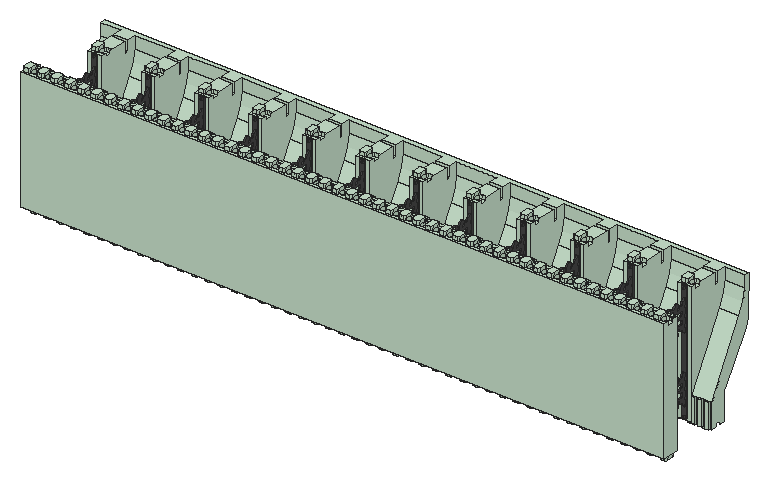
Revit family (continued)
Forms (in)
  Extrusion 166, solid, material "EPS- NUDURA- Foam Panel"
    sketch origin (0, 0, 0) x (0, 1, 0) y (0, 0, 1)
      loop
        line (9.425, 18) -> (8.125, 18) -> (8.125, 16.5)
        arc (8.125, 16.5) -> (7.875, 16.25) -> (7.625, 16.5) r 0.25
        line (7.625, 16.5) -> (7.625, 18) -> (3.25, 18) -> (3.25, 3.625) -> (8.425, 13)
        arc (8.425, 13) -> (9.05432, 14.58521) -> (9.425, 16.25) r 10.75
        line (9.425, 16.25) -> (9.425, 18)
    from 59 to 61
  Extrusion 167, solid, material "EPS- NUDURA- Foam Panel"
    sketch origin (0, 0, 0) x (0, 1, 0) y (0, 0, 1)
      loop
        line (9.425, 18) -> (8.125, 18) -> (8.125, 16.5)
        arc (8.125, 16.5) -> (7.875, 16.25) -> (7.625, 16.5) r 0.25
        line (7.625, 16.5) -> (7.625, 18) -> (3.25, 18) -> (3.25, 3.625) -> (8.425, 13)
        arc (8.425, 13) -> (9.05432, 14.58521) -> (9.425, 16.25) r 10.75
        line (9.425, 16.25) -> (9.425, 18)
    from 67 to 69
  Extrusion 168, solid, material "EPS- NUDURA- Foam Panel"
    sketch origin (0, 0, 0) x (0, 1, 0) y (0, 0, 1)
      loop
        line (9.425, 18) -> (8.125, 18) -> (8.125, 16.5)
        arc (8.125, 16.5) -> (7.875, 16.25) -> (7.625, 16.5) r 0.25
        line (7.625, 16.5) -> (7.625, 18) -> (3.25, 18) -> (3.25, 3.625) -> (8.425, 13)
        arc (8.425, 13) -> (9.05432, 14.58521) -> (9.425, 16.25) r 10.75
        line (9.425, 16.25) -> (9.425, 18)
    from 75 to 77
  Extrusion 169, solid, material "EPS- NUDURA- Foam Panel"
    sketch origin (0, 0, 0) x (0, 1, 0) y (0, 0, 1)
      loop
        line (9.425, 18) -> (8.125, 18) -> (8.125, 16.5)
        arc (8.125, 16.5) -> (7.875, 16.25) -> (7.625, 16.5) r 0.25
        line (7.625, 16.5) -> (7.625, 18) -> (3.25, 18) -> (3.25, 3.625) -> (8.425, 13)
        arc (8.425, 13) -> (9.05432, 14.58521) -> (9.425, 16.25) r 10.75
        line (9.425, 16.25) -> (9.425, 18)
    from 83 to 85
  Extrusion 170, solid, material "EPS- NUDURA- Foam Panel"
    sketch origin (0, 0, 0) x (0, 1, 0) y (0, 0, 1)
      loop
        line (9.425, 18) -> (8.125, 18) -> (8.125, 16.5)
        arc (8.125, 16.5) -> (7.875, 16.25) -> (7.625, 16.5) r 0.25
        line (7.625, 16.5) -> (7.625, 18) -> (3.25, 18) -> (3.25, 3.625) -> (8.425, 13)
        arc (8.425, 13) -> (9.05432, 14.58521) -> (9.425, 16.25) r 10.75
        line (9.425, 16.25) -> (9.425, 18)
    from 91 to 93
  Extrusion 171, solid, material "EPS- NUDURA- Foam Panel"
    sketch origin (0, 0, 0) x (1, 0, 0) y (0, 1, 0)
      loop
        line (95.21883, 3) -> (95.78117, 3) -> (95.71883, 3.25) -> (95.28117, 3.25) -> (95.21883, 3)
      loop
        line (94.21883, 3) -> (94.78117, 3) -> (94.71883, 3.25) -> (94.28117, 3.25) -> (94.21883, 3)
      loop
        line (93.21883, 3) -> (93.78117, 3) -> (93.71883, 3.25) -> (93.28117, 3.25) -> (93.21883, 3)
      loop
        line (90.21883, 3) -> (90.78117, 3) -> (90.71883, 3.25) -> (90.28117, 3.25) -> (90.21883, 3)
      loop
        line (89.21883, 3) -> (89.78117, 3) -> (89.71883, 3.25) -> (89.28117, 3.25) -> (89.21883, 3)
      loop
        line (88.21883, 3) -> (88.78117, 3) -> (88.71883, 3.25) -> (88.28117, 3.25) -> (88.21883, 3)
      loop
        line (87.21883, 3) -> (87.78117, 3) -> (87.71883, 3.25) -> (87.28117, 3.25) -> (87.21883, 3)
      loop
        line (86.21883, 3) -> (86.78117, 3) -> (86.71883, 3.25) -> (86.28117, 3.25) -> (86.21883, 3)
      loop
        line (85.21883, 3) -> (85.78117, 3) -> (85.71883, 3.25) -> (85.28117, 3.25) -> (85.21883, 3)
      loop
        line (82.21883, 3) -> (82.78117, 3) -> (82.71883, 3.25) -> (82.28117, 3.25) -> (82.21883, 3)
      loop
        line (81.21883, 3) -> (81.78117, 3) -> (81.71883, 3.25) -> (81.28117, 3.25) -> (81.21883, 3)
      loop
        line (80.21883, 3) -> (80.78117, 3) -> (80.71883, 3.25) -> (80.28117, 3.25) -> (80.21883, 3)
      loop
        line (79.21883, 3) -> (79.78117, 3) -> (79.71883, 3.25) -> (79.28117, 3.25) -> (79.21883, 3)
      loop
        line (78.21883, 3) -> (78.78117, 3) -> (78.71883, 3.25) -> (78.28117, 3.25) -> (78.21883, 3)
      loop
        line (77.21883, 3) -> (77.78117, 3) -> (77.71883, 3.25) -> (77.28117, 3.25) -> (77.21883, 3)
      loop
        line (74.21883, 3) -> (74.78117, 3) -> (74.71883, 3.25) -> (74.28117, 3.25) -> (74.21883, 3)
      loop
        line (73.21883, 3) -> (73.78117, 3) -> (73.71883, 3.25) -> (73.28117, 3.25) -> (73.21883, 3)
      loop
        line (72.21883, 3) -> (72.78117, 3) -> (72.71883, 3.25) -> (72.28117, 3.25) -> (72.21883, 3)
      loop
        line (71.21883, 3) -> (71.78117, 3) -> (71.71883, 3.25) -> (71.28117, 3.25) -> (71.21883, 3)
      loop
        line (70.21883, 3) -> (70.78117, 3) -> (70.71883, 3.25) -> (70.28117, 3.25) -> (70.21883, 3)
      loop
        line (69.21883, 3) -> (69.78117, 3) -> (69.71883, 3.25) -> (69.28117, 3.25) -> (69.21883, 3)
      loop
        line (66.21883, 3) -> (66.78117, 3) -> (66.71883, 3.25) -> (66.28117, 3.25) -> (66.21883, 3)
      loop
        line (65.21883, 3) -> (65.78117, 3) -> (65.71883, 3.25) -> (65.28117, 3.25) -> (65.21883, 3)
      loop
        line (64.21883, 3) -> (64.78117, 3) -> (64.71883, 3.25) -> (64.28117, 3.25) -> (64.21883, 3)
      loop
        line (63.21883, 3) -> (63.78117, 3) -> (63.71883, 3.25) -> (63.28117, 3.25) -> (63.21883, 3)
      loop
        line (62.21883, 3) -> (62.78117, 3) -> (62.71883, 3.25) -> (62.28117, 3.25) -> (62.21883, 3)
      loop
        line (61.21883, 3) -> (61.78117, 3) -> (61.71883, 3.25) -> (61.28117, 3.25) -> (61.21883, 3)
      loop
        line (58.21883, 3) -> (58.78117, 3) -> (58.71883, 3.25) -> (58.28117, 3.25) -> (58.21883, 3)
      loop
        line (57.21883, 3) -> (57.78117, 3) -> (57.71883, 3.25) -> (57.28117, 3.25) -> (57.21883, 3)
      loop
        line (56.21883, 3) -> (56.78117, 3) -> (56.71883, 3.25) -> (56.28117, 3.25) -> (56.21883, 3)
      loop
        line (55.21883, 3) -> (55.78117, 3) -> (55.71883, 3.25) -> (55.28117, 3.25) -> (55.21883, 3)
      loop
        line (54.21883, 3) -> (54.78117, 3) -> (54.71883, 3.25) -> (54.28117, 3.25) -> (54.21883, 3)
      loop
        line (53.21883, 3) -> (53.78117, 3) -> (53.71883, 3.25) -> (53.28117, 3.25) -> (53.21883, 3)
      loop
        line (50.21883, 3) -> (50.78117, 3) -> (50.71883, 3.25) -> (50.28117, 3.25) -> (50.21883, 3)
      loop
        line (49.21883, 3) -> (49.78117, 3) -> (49.71883, 3.25) -> (49.28117, 3.25) -> (49.21883, 3)
      loop
        line (48.21883, 3) -> (48.78117, 3) -> (48.71883, 3.25) -> (48.28117, 3.25) -> (48.21883, 3)
      loop
        line (47.21883, 3) -> (47.78117, 3) -> (47.71883, 3.25) -> (47.28117, 3.25) -> (47.21883, 3)
      loop
        line (46.21883, 3) -> (46.78117, 3) -> (46.71883, 3.25) -> (46.28117, 3.25) -> (46.21883, 3)
      loop
        line (45.21883, 3) -> (45.78117, 3) -> (45.71883, 3.25) -> (45.28117, 3.25) -> (45.21883, 3)
      loop
        line (42.21883, 3) -> (42.78117, 3) -> (42.71883, 3.25) -> (42.28117, 3.25) -> (42.21883, 3)
      loop
        line (41.21883, 3) -> (41.78117, 3) -> (41.71883, 3.25) -> (41.28117, 3.25) -> (41.21883, 3)
      loop
        line (40.21883, 3) -> (40.78117, 3) -> (40.71883, 3.25) -> (40.28117, 3.25) -> (40.21883, 3)
      loop
        line (39.21883, 3) -> (39.78117, 3) -> (39.71883, 3.25) -> (39.28117, 3.25) -> (39.21883, 3)
      loop
        line (38.21883, 3) -> (38.78117, 3) -> (38.71883, 3.25) -> (38.28117, 3.25) -> (38.21883, 3)
      loop
        line (37.21883, 3) -> (37.78117, 3) -> (37.71883, 3.25) -> (37.28117, 3.25) -> (37.21883, 3)
      loop
        line (34.21883, 3) -> (34.78117, 3) -> (34.71883, 3.25) -> (34.28117, 3.25) -> (34.21883, 3)
      loop
        line (33.21883, 3) -> (33.78117, 3) -> (33.71883, 3.25) -> (33.28117, 3.25) -> (33.21883, 3)
      loop
        line (32.21883, 3) -> (32.78117, 3) -> (32.71883, 3.25) -> (32.28117, 3.25) -> (32.21883, 3)
      loop
        line (31.21883, 3) -> (31.78117, 3) -> (31.71883, 3.25) -> (31.28117, 3.25) -> (31.21883, 3)
      loop
        line (30.21883, 3) -> (30.78117, 3) -> (30.71883, 3.25) -> (30.28117, 3.25) -> (30.21883, 3)
      loop
        line (29.21883, 3) -> (29.78117, 3) -> (29.71883, 3.25) -> (29.28117, 3.25) -> (29.21883, 3)
      loop
        line (26.21883, 3) -> (26.78117, 3) -> (26.71883, 3.25) -> (26.28117, 3.25) -> (26.21883, 3)
      loop
        line (25.21883, 3) -> (25.78117, 3) -> (25.71883, 3.25) -> (25.28117, 3.25) -> (25.21883, 3)
      loop
        line (24.21883, 3) -> (24.78117, 3) -> (24.71883, 3.25) -> (24.28117, 3.25) -> (24.21883, 3)
      loop
        line (23.21883, 3) -> (23.78117, 3) -> (23.71883, 3.25) -> (23.28117, 3.25) -> (23.21883, 3)
      loop
        line (22.21883, 3) -> (22.78117, 3) -> (22.71883, 3.25) -> (22.28117, 3.25) -> (22.21883, 3)
      loop
        line (21.21883, 3) -> (21.78117, 3) -> (21.71883, 3.25) -> (21.28117, 3.25) -> (21.21883, 3)
      loop
        line (18.21883, 3) -> (18.78117, 3) -> (18.71883, 3.25) -> (18.28117, 3.25) -> (18.21883, 3)
      loop
        line (17.21883, 3) -> (17.78117, 3) -> (17.71883, 3.25) -> (17.28117, 3.25) -> (17.21883, 3)
      loop
        line (16.21883, 3) -> (16.78117, 3) -> (16.71883, 3.25) -> (16.28117, 3.25) -> (16.21883, 3)
      loop
        line (15.21883, 3) -> (15.78117, 3) -> (15.71883, 3.25) -> (15.28117, 3.25) -> (15.21883, 3)
      loop
        line (14.21883, 3) -> (14.78117, 3) -> (14.71883, 3.25) -> (14.28117, 3.25) -> (14.21883, 3)
      loop
        line (13.21883, 3) -> (13.78117, 3) -> (13.71883, 3.25) -> (13.28117, 3.25) -> (13.21883, 3)
      loop
        line (10.21883, 3) -> (10.78117, 3) -> (10.71883, 3.25) -> (10.28117, 3.25) -> (10.21883, 3)
      loop
        line (9.21883, 3) -> (9.78117, 3) -> (9.71883, 3.25) -> (9.28117, 3.25) -> (9.21883, 3)
      loop
        line (8.21883, 3) -> (8.78117, 3) -> (8.71883, 3.25) -> (8.28117, 3.25) -> (8.21883, 3)
      loop
        line (7.21883, 3) -> (7.78117, 3) -> (7.71883, 3.25) -> (7.28117, 3.25) -> (7.21883, 3)
      loop
        line (6.21883, 3) -> (6.78117, 3) -> (6.71883, 3.25) -> (6.28117, 3.25) -> (6.21883, 3)
      loop
        line (5.21883, 3) -> (5.78117, 3) -> (5.71883, 3.25) -> (5.28117, 3.25) -> (5.21883, 3)
      loop
        line (2.21883, 3) -> (2.78117, 3) -> (2.71883, 3.25) -> (2.28117, 3.25) -> (2.21883, 3)
      loop
        line (1.21883, 3) -> (1.78117, 3) -> (1.71883, 3.25) -> (1.28117, 3.25) -> (1.21883, 3)
      loop
        line (0.21883, 3) -> (0.78117, 3) -> (0.71883, 3.25) -> (0.28117, 3.25) -> (0.21883, 3)
    from 0 to 3.625
Cuts and joins
  Extrusion 2, Extrusion 3, Extrusion 4, Extrusion 5, Extrusion 6, Extrusion 7, Extrusion 8, Extrusion 9, Extrusion 10, Extrusion 11, Extrusion 12, Extrusion 13, Extrusion 14, Extrusion 15, Extrusion 16, Extrusion 17, Extrusion 18, Extrusion 19, Extrusion 20, Extrusion 21, Extrusion 22, Extrusion 23, Extrusion 24, Extrusion 25, Extrusion 26, Extrusion 27, Extrusion 28, Extrusion 29, Extrusion 30, Extrusion 31, Extrusion 32, Extrusion 33, Extrusion 34, Extrusion 35, Extrusion 36, Extrusion 37, Extrusion 38, Extrusion 39, Extrusion 40, Extrusion 41, Extrusion 42, Extrusion 43, Extrusion 44, Extrusion 45, Extrusion 46, Extrusion 47, Extrusion 48, Extrusion 49, Extrusion 50, Extrusion 51, Extrusion 52, Extrusion 53, Extrusion 54, Extrusion 55, Extrusion 56, Extrusion 57, Extrusion 58, Extrusion 59, Extrusion 60, Extrusion 61, Extrusion 62, Extrusion 63, Extrusion 64, Extrusion 65, Extrusion 66, Extrusion 67, Extrusion 68, Extrusion 69, Extrusion 70, Extrusion 71, Extrusion 72, Extrusion 73, Extrusion 74, Extrusion 75, Extrusion 76, Extrusion 77, Extrusion 78, Extrusion 79, Extrusion 80, Extrusion 81, Extrusion 82, Extrusion 83, Extrusion 84, Extrusion 85, Extrusion 86, Extrusion 87, Extrusion 88, Extrusion 89, Extrusion 90, Extrusion 91, Extrusion 92, Extrusion 93, Extrusion 94, Extrusion 95, Extrusion 96, Extrusion 97, Extrusion 98, Extrusion 99, Extrusion 100, Extrusion 101, Extrusion 102, Extrusion 103, Extrusion 104, Extrusion 105, Extrusion 106, Extrusion 107, Extrusion 108, Extrusion 109, Extrusion 110, Extrusion 111, Extrusion 112, Extrusion 113, Extrusion 114, Extrusion 115, Extrusion 116, Extrusion 117, Extrusion 118, Extrusion 119, Extrusion 120, Extrusion 121, Extrusion 122, Extrusion 123, Extrusion 124, Extrusion 125, Extrusion 126, Extrusion 127, Extrusion 128, Extrusion 129, Extrusion 130, Extrusion 131, Extrusion 132, Extrusion 133, Extrusion 134, Extrusion 135, Extrusion 136, Extrusion 137, Extrusion 138, Extrusion 139, Extrusion 140, Extrusion 141, Extrusion 142, Extrusion 143, Extrusion 144, Extrusion 145, Extrusion 146, Extrusion 147, Extrusion 148, Extrusion 149, Extrusion 150, Extrusion 151, Extrusion 152, Extrusion 153, Extrusion 154, Extrusion 155, Extrusion 156, Extrusion 157 cuts Extrusion 1
  Extrusion 110, Extrusion 111, Extrusion 112, Extrusion 113, Extrusion 114, Extrusion 115, Extrusion 116, Extrusion 117, Extrusion 118, Extrusion 119, Extrusion 120, Extrusion 121, Extrusion 122, Extrusion 123, Extrusion 124, Extrusion 125, Extrusion 126, Extrusion 127, Extrusion 128, Extrusion 129, Extrusion 130, Extrusion 131, Extrusion 132, Extrusion 133, Extrusion 134, Extrusion 135, Extrusion 136, Extrusion 137, Extrusion 138, Extrusion 139, Extrusion 140, Extrusion 141, Extrusion 142, Extrusion 143, Extrusion 144, Extrusion 145, Extrusion 146, Extrusion 147, Extrusion 148, Extrusion 149, Extrusion 150, Extrusion 151, Extrusion 152, Extrusion 153, Extrusion 154, Extrusion 155, Extrusion 156, Extrusion 157 cuts Extrusion 158
  Extrusion 61 cuts Extrusion 159
  Extrusion 60 cuts Extrusion 160
  Extrusion 59 cuts Extrusion 161
  Extrusion 58 cuts Extrusion 162
  Extrusion 57 cuts Extrusion 163
  Extrusion 56 cuts Extrusion 164
  Extrusion 55 cuts Extrusion 165
  Extrusion 54 cuts Extrusion 166
  Extrusion 53 cuts Extrusion 167
  Extrusion 52 cuts Extrusion 168
  Extrusion 51 cuts Extrusion 169
  Extrusion 50 cuts Extrusion 170
  joined: Extrusion 158, Extrusion 159, Extrusion 160, Extrusion 161, Extrusion 162, Extrusion 163, Extrusion 164, Extrusion 165, Extrusion 166, Extrusion 167, Extrusion 168, Extrusion 169, Extrusion 170, Extrusion 171
Lines and regions (in)
  model lines
    curve 1: line (8, -5.625, 18) -> (8, -5.625, 0)
Dimensions and locks (in)
  locked: plane 3 "Center (Left/Right)" to plane 4 at 96
  locked: plane 6 to plane 5 at 6
  equal spacing: plane 6, plane 1 "Center (Front/Back)", plane 5
  locked: plane 5 to plane 7 at 2.625
  locked: plane 8 to plane 6 at 2.625
  locked: plane 9 to level at 18
  locked: plane 4 to plane 3 "Center (Left/Right)" at 96
  locked: plane 9 to plane 10 at 0.5
  locked: plane 11 to level at 0.5
  aligned and locked: plane 9 to Extrusion 1
  aligned and locked: Extrusion 1 to plane 3 "Center (Left/Right)"
  aligned and locked: plane 4 to Extrusion 1
  aligned and locked: level to Extrusion 1
  aligned and locked: nested 1 to plane 8
  aligned and locked: nested 116 to cut or joined group 1 (Extrusion 1, Extrusion 2, Extrusion 3, Extrusion 4, Extrusion 5, Extrusion 6, Extrusion 7, Extrusion 8, Extrusion 9, Extrusion 10, Extrusion 11, Extrusion 12, Extrusion 13, Extrusion 14, Extrusion 15, Extrusion 16, Extrusion 17, Extrusion 18, Extrusion 19, Extrusion 20, Extrusion 21, Extrusion 22, Extrusion 23, Extrusion 24, Extrusion 25, Extrusion 26, Extrusion 27, Extrusion 28, Extrusion 29, Extrusion 30, Extrusion 31, Extrusion 32, Extrusion 33, Extrusion 34, Extrusion 35, Extrusion 36, Extrusion 37, Extrusion 38, Extrusion 39, Extrusion 40, Extrusion 41, Extrusion 42, Extrusion 43, Extrusion 44, Extrusion 45, Extrusion 46, Extrusion 47, Extrusion 48, Extrusion 49, Extrusion 50, Extrusion 51, Extrusion 52, Extrusion 53, Extrusion 54, Extrusion 55, Extrusion 56, Extrusion 57, Extrusion 58, Extrusion 59, Extrusion 60, Extrusion 61, Extrusion 62, Extrusion 63, Extrusion 64, Extrusion 65, Extrusion 66, Extrusion 67, Extrusion 68, Extrusion 69, Extrusion 70, Extrusion 71, Extrusion 72, Extrusion 73, Extrusion 74, Extrusion 75, Extrusion 76, Extrusion 77, Extrusion 78, Extrusion 79, Extrusion 80, Extrusion 81, Extrusion 82, Extrusion 83, Extrusion 84, Extrusion 85, Extrusion 86, Extrusion 87, Extrusion 88, Extrusion 89, Extrusion 90, Extrusion 91, Extrusion 92, Extrusion 93, Extrusion 94, Extrusion 95, Extrusion 96, Extrusion 97, Extrusion 98, Extrusion 99, Extrusion 100, Extrusion 101, Extrusion 102, Extrusion 103, Extrusion 104, Extrusion 105, Extrusion 106, Extrusion 107, Extrusion 108, Extrusion 109, Extrusion 110, Extrusion 111, Extrusion 112, Extrusion 113, Extrusion 114, Extrusion 115, Extrusion 116, Extrusion 117, Extrusion 118, Extrusion 119, Extrusion 120, Extrusion 121, Extrusion 122, Extrusion 123, Extrusion 124, Extrusion 125, Extrusion 126, Extrusion 127, Extrusion 128, Extrusion 129, Extrusion 130, Extrusion 131, Extrusion 132, Extrusion 133, Extrusion 134, Extrusion 135, Extrusion 136, Extrusion 137, Extrusion 138, Extrusion 139, Extrusion 140, Extrusion 141, Extrusion 142, Extrusion 143, Extrusion 144, Extrusion 145, Extrusion 146, Extrusion 147, Extrusion 148, Extrusion 149, Extrusion 150, Extrusion 151, Extrusion 152, Extrusion 153, Extrusion 154, Extrusion 155, Extrusion 156, Extrusion 157)
  aligned and locked: cut or joined group 1 to cut or joined group 2 (Extrusion 50, Extrusion 51, Extrusion 52, Extrusion 53, Extrusion 54, Extrusion 55, Extrusion 56, Extrusion 57, Extrusion 58, Extrusion 59, Extrusion 60, Extrusion 61, Extrusion 110, Extrusion 111, Extrusion 112, Extrusion 113, Extrusion 114, Extrusion 115, Extrusion 116, Extrusion 117, Extrusion 118, Extrusion 119, Extrusion 120, Extrusion 121, Extrusion 122, Extrusion 123, Extrusion 124, Extrusion 125, Extrusion 126, Extrusion 127, Extrusion 128, Extrusion 129, Extrusion 130, Extrusion 131, Extrusion 132, Extrusion 133, Extrusion 134, Extrusion 135, Extrusion 136, Extrusion 137, Extrusion 138, Extrusion 139, Extrusion 140, Extrusion 141, Extrusion 142, Extrusion 143, Extrusion 144, Extrusion 145, Extrusion 146, Extrusion 147, Extrusion 148, Extrusion 149, Extrusion 150, Extrusion 151, Extrusion 152, Extrusion 153, Extrusion 154, Extrusion 155, Extrusion 156, Extrusion 157, Extrusion 158, Extrusion 159, Extrusion 160, Extrusion 161, Extrusion 162, Extrusion 163, Extrusion 164, Extrusion 165, Extrusion 166, Extrusion 167, Extrusion 168, Extrusion 169, Extrusion 170, Extrusion 171)
  aligned and locked: cut or joined group 2 to nested 182
  aligned and locked: cut or joined group 2 to nested 183
Automatic sketch dimensions
  Extrusion 1 sketch curve to plane 3 "Center (Left/Right)" = 0' - 0"
  plane 6 to Extrusion 1 sketch curve = 0' - 0"  (x72)
  Extrusion 1 sketch curve to plane 4 = 0' - 0"
  plane 8 to Extrusion 1 sketch curve = 0' - 0"
  plane 3 "Center (Left/Right)" to Extrusion 1 sketch curve = 0' - 0.21883"
  Extrusion 1 sketch curve to Extrusion 1 sketch curve = 0' - 0.06233"  (x143)
  plane 6 to Extrusion 1 sketch curve = 0' - 0 1/4"  (x73)
  Extrusion 1 sketch curve to Extrusion 1 sketch curve = 0' - 0.43767"  (x130)
  Extrusion 1 sketch curve to Extrusion 1 sketch curve = 0' - 2.43767"  (x12)
  Extrusion 1 sketch curve to plane 4 = 0' - 0.28117"
  Extrusion 1 sketch curve to plane 4 = 0' - 0.21883"
  plane 3 "Center (Left/Right)" to Extrusion 2 sketch curve = 0' - 1"
  Extrusion 2 sketch curve to Extrusion 2 sketch curve = 0' - 0.17308"  (x2)
  Extrusion 2 sketch curve to Extrusion 2 sketch curve = 0' - 0"  (x5)
  Extrusion 2 sketch curve to Extrusion 2 sketch curve = 0' - 0 1/4"  (x5)
  Extrusion 2 sketch curve to Extrusion 2 sketch curve = 0' - 0.17323"
  Extrusion 2 sketch curve to Extrusion 2 sketch curve = 0' - 0.01019"
  Extrusion 2 sketch curve to Extrusion 2 sketch curve = 0' - 0.07677"
  Extrusion 2 sketch curve to Extrusion 2 sketch curve = 0' - 0.07692"
  Extrusion 2 sketch curve to Extrusion 2 sketch curve = 0' - 0.17083"
  Extrusion 2 sketch curve to Extrusion 2 sketch curve = 0' - 0.01665"
  Extrusion 2 sketch curve to plane 8 = 0' - 0.48905"
  Extrusion 2 sketch curve to Extrusion 2 sketch curve = 0' - 0.14808"
  Extrusion 2 sketch curve to Extrusion 2 sketch curve = 0' - 0.33686"
  Extrusion 2 sketch curve to Extrusion 2 sketch curve = 0' - 0.2216"
  Extrusion 3 sketch curve to plane 8 = 0' - 0.72692"
  plane 3 "Center (Left/Right)" to Extrusion 3 sketch curve = 0' - 3"
  Extrusion 3 sketch curve to Extrusion 3 sketch curve = 0' - 0.17308"  (x2)
  Extrusion 3 sketch curve to Extrusion 3 sketch curve = 0' - 0"  (x5)
  Extrusion 3 sketch curve to Extrusion 3 sketch curve = 0' - 0 1/4"  (x4)
  Extrusion 3 sketch curve to Extrusion 3 sketch curve = 0' - 0.07692"  (x2)
  Extrusion 3 sketch curve to Extrusion 3 sketch curve = 0' - 0.17323"
  Extrusion 3 sketch curve to Extrusion 3 sketch curve = 0' - 0.01019"
  Extrusion 3 sketch curve to Extrusion 3 sketch curve = 0' - 0.07677"
  Extrusion 3 sketch curve to Extrusion 3 sketch curve = 0' - 0.17083"
  Extrusion 3 sketch curve to Extrusion 3 sketch curve = 0' - 0.01665"
  Extrusion 3 sketch curve to Extrusion 3 sketch curve = 0' - 0.14808"
  Extrusion 3 sketch curve to Extrusion 3 sketch curve = 0' - 0.33686"
  Extrusion 3 sketch curve to Extrusion 3 sketch curve = 0' - 0.2216"
  Extrusion 4 sketch curve to plane 8 = 0' - 0.72692"
  plane 3 "Center (Left/Right)" to Extrusion 4 sketch curve = 0' - 5"
  Extrusion 4 sketch curve to Extrusion 4 sketch curve = 0' - 0.17308"  (x2)
  Extrusion 4 sketch curve to Extrusion 4 sketch curve = 0' - 0"  (x5)
  Extrusion 4 sketch curve to Extrusion 4 sketch curve = 0' - 0 1/4"  (x4)
  Extrusion 4 sketch curve to Extrusion 4 sketch curve = 0' - 0.07692"  (x2)
  Extrusion 4 sketch curve to Extrusion 4 sketch curve = 0' - 0.17323"
  Extrusion 4 sketch curve to Extrusion 4 sketch curve = 0' - 0.01019"
  Extrusion 4 sketch curve to Extrusion 4 sketch curve = 0' - 0.07677"
  Extrusion 4 sketch curve to Extrusion 4 sketch curve = 0' - 0.17083"
  Extrusion 4 sketch curve to Extrusion 4 sketch curve = 0' - 0.01665"
  Extrusion 4 sketch curve to Extrusion 4 sketch curve = 0' - 0.14808"
  Extrusion 4 sketch curve to Extrusion 4 sketch curve = 0' - 0.33686"
  Extrusion 4 sketch curve to Extrusion 4 sketch curve = 0' - 0.2216"
  Extrusion 5 sketch curve to plane 8 = 0' - 0.72692"
  plane 3 "Center (Left/Right)" to Extrusion 5 sketch curve = 0' - 7"
  Extrusion 5 sketch curve to Extrusion 5 sketch curve = 0' - 0.17308"  (x2)
  Extrusion 5 sketch curve to Extrusion 5 sketch curve = 0' - 0"  (x5)
  Extrusion 5 sketch curve to Extrusion 5 sketch curve = 0' - 0 1/4"  (x4)
  Extrusion 5 sketch curve to Extrusion 5 sketch curve = 0' - 0.07692"  (x2)
  Extrusion 5 sketch curve to Extrusion 5 sketch curve = 0' - 0.17323"
  Extrusion 5 sketch curve to Extrusion 5 sketch curve = 0' - 0.01019"
  Extrusion 5 sketch curve to Extrusion 5 sketch curve = 0' - 0.07677"
  Extrusion 5 sketch curve to Extrusion 5 sketch curve = 0' - 0.17083"
  Extrusion 5 sketch curve to Extrusion 5 sketch curve = 0' - 0.01665"
  Extrusion 5 sketch curve to Extrusion 5 sketch curve = 0' - 0.14808"
  Extrusion 5 sketch curve to Extrusion 5 sketch curve = 0' - 0.33686"
  Extrusion 5 sketch curve to Extrusion 5 sketch curve = 0' - 0.2216"
  Extrusion 6 sketch curve to plane 8 = 0' - 0.72692"
  plane 3 "Center (Left/Right)" to Extrusion 6 sketch curve = 0' - 9"
  Extrusion 6 sketch curve to Extrusion 6 sketch curve = 0' - 0.17308"  (x2)
  Extrusion 6 sketch curve to Extrusion 6 sketch curve = 0' - 0"  (x5)
  Extrusion 6 sketch curve to Extrusion 6 sketch curve = 0' - 0 1/4"  (x4)
  Extrusion 6 sketch curve to Extrusion 6 sketch curve = 0' - 0.07692"  (x2)
  Extrusion 6 sketch curve to Extrusion 6 sketch curve = 0' - 0.17323"
  Extrusion 6 sketch curve to Extrusion 6 sketch curve = 0' - 0.01019"
  Extrusion 6 sketch curve to Extrusion 6 sketch curve = 0' - 0.07677"
  Extrusion 6 sketch curve to Extrusion 6 sketch curve = 0' - 0.17083"
  Extrusion 6 sketch curve to Extrusion 6 sketch curve = 0' - 0.01665"
  Extrusion 6 sketch curve to Extrusion 6 sketch curve = 0' - 0.14808"
  Extrusion 6 sketch curve to Extrusion 6 sketch curve = 0' - 0.33686"
  Extrusion 6 sketch curve to Extrusion 6 sketch curve = 0' - 0.2216"
  Extrusion 7 sketch curve to plane 8 = 0' - 0.72692"
  plane 3 "Center (Left/Right)" to Extrusion 7 sketch curve = 0' - 11"
  Extrusion 7 sketch curve to Extrusion 7 sketch curve = 0' - 0.17308"  (x2)
  Extrusion 7 sketch curve to Extrusion 7 sketch curve = 0' - 0"  (x5)
  Extrusion 7 sketch curve to Extrusion 7 sketch curve = 0' - 0 1/4"  (x4)
  Extrusion 7 sketch curve to Extrusion 7 sketch curve = 0' - 0.07692"  (x2)
  Extrusion 7 sketch curve to Extrusion 7 sketch curve = 0' - 0.17323"
  Extrusion 7 sketch curve to Extrusion 7 sketch curve = 0' - 0.01019"
  Extrusion 7 sketch curve to Extrusion 7 sketch curve = 0' - 0.07677"
  Extrusion 7 sketch curve to Extrusion 7 sketch curve = 0' - 0.17083"
  Extrusion 7 sketch curve to Extrusion 7 sketch curve = 0' - 0.01665"
  Extrusion 7 sketch curve to Extrusion 7 sketch curve = 0' - 0.14808"
  Extrusion 7 sketch curve to Extrusion 7 sketch curve = 0' - 0.33686"
  Extrusion 7 sketch curve to Extrusion 7 sketch curve = 0' - 0.2216"
  Extrusion 8 sketch curve to plane 8 = 0' - 0.72692"
  plane 3 "Center (Left/Right)" to Extrusion 8 sketch curve = 1' - 1"
  Extrusion 8 sketch curve to Extrusion 8 sketch curve = 0' - 0.17308"  (x2)
  Extrusion 8 sketch curve to Extrusion 8 sketch curve = 0' - 0"  (x5)
  Extrusion 8 sketch curve to Extrusion 8 sketch curve = 0' - 0 1/4"  (x4)
  Extrusion 8 sketch curve to Extrusion 8 sketch curve = 0' - 0.07692"  (x2)
  Extrusion 8 sketch curve to Extrusion 8 sketch curve = 0' - 0.17323"
  Extrusion 8 sketch curve to Extrusion 8 sketch curve = 0' - 0.01019"
  Extrusion 8 sketch curve to Extrusion 8 sketch curve = 0' - 0.07677"
  Extrusion 8 sketch curve to Extrusion 8 sketch curve = 0' - 0.17083"
  Extrusion 8 sketch curve to Extrusion 8 sketch curve = 0' - 0.01665"
  Extrusion 8 sketch curve to Extrusion 8 sketch curve = 0' - 0.14808"
  Extrusion 8 sketch curve to Extrusion 8 sketch curve = 0' - 0.33686"
  Extrusion 8 sketch curve to Extrusion 8 sketch curve = 0' - 0.2216"
  Extrusion 9 sketch curve to plane 8 = 0' - 0.72692"
  plane 3 "Center (Left/Right)" to Extrusion 9 sketch curve = 1' - 3"
  Extrusion 9 sketch curve to Extrusion 9 sketch curve = 0' - 0.17308"  (x2)
  Extrusion 9 sketch curve to Extrusion 9 sketch curve = 0' - 0"  (x5)
  Extrusion 9 sketch curve to Extrusion 9 sketch curve = 0' - 0 1/4"  (x4)
  Extrusion 9 sketch curve to Extrusion 9 sketch curve = 0' - 0.07692"  (x2)
  Extrusion 9 sketch curve to Extrusion 9 sketch curve = 0' - 0.17323"
  Extrusion 9 sketch curve to Extrusion 9 sketch curve = 0' - 0.01019"
  Extrusion 9 sketch curve to Extrusion 9 sketch curve = 0' - 0.07677"
  Extrusion 9 sketch curve to Extrusion 9 sketch curve = 0' - 0.17083"
  Extrusion 9 sketch curve to Extrusion 9 sketch curve = 0' - 0.01665"
  Extrusion 9 sketch curve to Extrusion 9 sketch curve = 0' - 0.14808"
  Extrusion 9 sketch curve to Extrusion 9 sketch curve = 0' - 0.33686"
  Extrusion 9 sketch curve to Extrusion 9 sketch curve = 0' - 0.2216"
  Extrusion 10 sketch curve to plane 8 = 0' - 0.72692"
  plane 3 "Center (Left/Right)" to Extrusion 10 sketch curve = 1' - 5"
  Extrusion 10 sketch curve to Extrusion 10 sketch curve = 0' - 0.17308"  (x2)
  Extrusion 10 sketch curve to Extrusion 10 sketch curve = 0' - 0"  (x5)
  Extrusion 10 sketch curve to Extrusion 10 sketch curve = 0' - 0 1/4"  (x4)
  Extrusion 10 sketch curve to Extrusion 10 sketch curve = 0' - 0.07692"  (x2)
  Extrusion 10 sketch curve to Extrusion 10 sketch curve = 0' - 0.17323"
  Extrusion 10 sketch curve to Extrusion 10 sketch curve = 0' - 0.01019"
  Extrusion 10 sketch curve to Extrusion 10 sketch curve = 0' - 0.07677"
  Extrusion 10 sketch curve to Extrusion 10 sketch curve = 0' - 0.17083"
  Extrusion 10 sketch curve to Extrusion 10 sketch curve = 0' - 0.01665"
  Extrusion 10 sketch curve to Extrusion 10 sketch curve = 0' - 0.14808"
  Extrusion 10 sketch curve to Extrusion 10 sketch curve = 0' - 0.33686"
  Extrusion 10 sketch curve to Extrusion 10 sketch curve = 0' - 0.2216"
  Extrusion 11 sketch curve to plane 8 = 0' - 0.72692"
  plane 3 "Center (Left/Right)" to Extrusion 11 sketch curve = 1' - 7"
  Extrusion 11 sketch curve to Extrusion 11 sketch curve = 0' - 0.17308"  (x2)
  Extrusion 11 sketch curve to Extrusion 11 sketch curve = 0' - 0"  (x5)
  Extrusion 11 sketch curve to Extrusion 11 sketch curve = 0' - 0 1/4"  (x4)
  Extrusion 11 sketch curve to Extrusion 11 sketch curve = 0' - 0.07692"  (x2)
  Extrusion 11 sketch curve to Extrusion 11 sketch curve = 0' - 0.17323"
  Extrusion 11 sketch curve to Extrusion 11 sketch curve = 0' - 0.01019"
  Extrusion 11 sketch curve to Extrusion 11 sketch curve = 0' - 0.07677"
  Extrusion 11 sketch curve to Extrusion 11 sketch curve = 0' - 0.17083"
  Extrusion 11 sketch curve to Extrusion 11 sketch curve = 0' - 0.01665"
  Extrusion 11 sketch curve to Extrusion 11 sketch curve = 0' - 0.14808"
  Extrusion 11 sketch curve to Extrusion 11 sketch curve = 0' - 0.33686"
  Extrusion 11 sketch curve to Extrusion 11 sketch curve = 0' - 0.2216"
  Extrusion 12 sketch curve to plane 8 = 0' - 0.72692"
  plane 3 "Center (Left/Right)" to Extrusion 12 sketch curve = 1' - 9"
  Extrusion 12 sketch curve to Extrusion 12 sketch curve = 0' - 0.17308"  (x2)
  Extrusion 12 sketch curve to Extrusion 12 sketch curve = 0' - 0"  (x5)
  Extrusion 12 sketch curve to Extrusion 12 sketch curve = 0' - 0 1/4"  (x4)
  Extrusion 12 sketch curve to Extrusion 12 sketch curve = 0' - 0.07692"  (x2)
  Extrusion 12 sketch curve to Extrusion 12 sketch curve = 0' - 0.17323"
  Extrusion 12 sketch curve to Extrusion 12 sketch curve = 0' - 0.01019"
  Extrusion 12 sketch curve to Extrusion 12 sketch curve = 0' - 0.07677"
  Extrusion 12 sketch curve to Extrusion 12 sketch curve = 0' - 0.17083"
  Extrusion 12 sketch curve to Extrusion 12 sketch curve = 0' - 0.01665"
  Extrusion 12 sketch curve to Extrusion 12 sketch curve = 0' - 0.14808"
  Extrusion 12 sketch curve to Extrusion 12 sketch curve = 0' - 0.33686"
  Extrusion 12 sketch curve to Extrusion 12 sketch curve = 0' - 0.2216"
  Extrusion 13 sketch curve to plane 8 = 0' - 0.72692"
  plane 3 "Center (Left/Right)" to Extrusion 13 sketch curve = 1' - 11"
  Extrusion 13 sketch curve to Extrusion 13 sketch curve = 0' - 0.17308"  (x2)
  Extrusion 13 sketch curve to Extrusion 13 sketch curve = 0' - 0"  (x5)
  Extrusion 13 sketch curve to Extrusion 13 sketch curve = 0' - 0 1/4"  (x4)
  Extrusion 13 sketch curve to Extrusion 13 sketch curve = 0' - 0.07692"  (x2)
  Extrusion 13 sketch curve to Extrusion 13 sketch curve = 0' - 0.17323"
  Extrusion 13 sketch curve to Extrusion 13 sketch curve = 0' - 0.01019"
  Extrusion 13 sketch curve to Extrusion 13 sketch curve = 0' - 0.07677"
  Extrusion 13 sketch curve to Extrusion 13 sketch curve = 0' - 0.17083"
  Extrusion 13 sketch curve to Extrusion 13 sketch curve = 0' - 0.01665"
  Extrusion 13 sketch curve to Extrusion 13 sketch curve = 0' - 0.14808"
  Extrusion 13 sketch curve to Extrusion 13 sketch curve = 0' - 0.33686"
  Extrusion 13 sketch curve to Extrusion 13 sketch curve = 0' - 0.2216"
  Extrusion 14 sketch curve to plane 8 = 0' - 0.72692"
  plane 3 "Center (Left/Right)" to Extrusion 14 sketch curve = 2' - 1"
  Extrusion 14 sketch curve to Extrusion 14 sketch curve = 0' - 0.17308"  (x2)
  Extrusion 14 sketch curve to Extrusion 14 sketch curve = 0' - 0"  (x5)
  Extrusion 14 sketch curve to Extrusion 14 sketch curve = 0' - 0 1/4"  (x4)
  Extrusion 14 sketch curve to Extrusion 14 sketch curve = 0' - 0.07692"  (x2)
  Extrusion 14 sketch curve to Extrusion 14 sketch curve = 0' - 0.17323"
  Extrusion 14 sketch curve to Extrusion 14 sketch curve = 0' - 0.01019"
  Extrusion 14 sketch curve to Extrusion 14 sketch curve = 0' - 0.07677"
  Extrusion 14 sketch curve to Extrusion 14 sketch curve = 0' - 0.17083"
  Extrusion 14 sketch curve to Extrusion 14 sketch curve = 0' - 0.01665"
  Extrusion 14 sketch curve to Extrusion 14 sketch curve = 0' - 0.14808"
  Extrusion 14 sketch curve to Extrusion 14 sketch curve = 0' - 0.33686"
  Extrusion 14 sketch curve to Extrusion 14 sketch curve = 0' - 0.2216"
  Extrusion 15 sketch curve to plane 8 = 0' - 0.72692"
  plane 3 "Center (Left/Right)" to Extrusion 15 sketch curve = 2' - 3"
  Extrusion 15 sketch curve to Extrusion 15 sketch curve = 0' - 0.17308"  (x2)
  Extrusion 15 sketch curve to Extrusion 15 sketch curve = 0' - 0"  (x5)
  Extrusion 15 sketch curve to Extrusion 15 sketch curve = 0' - 0 1/4"  (x4)
  Extrusion 15 sketch curve to Extrusion 15 sketch curve = 0' - 0.07692"  (x2)
  Extrusion 15 sketch curve to Extrusion 15 sketch curve = 0' - 0.17323"
  Extrusion 15 sketch curve to Extrusion 15 sketch curve = 0' - 0.01019"
  Extrusion 15 sketch curve to Extrusion 15 sketch curve = 0' - 0.07677"
  Extrusion 15 sketch curve to Extrusion 15 sketch curve = 0' - 0.17083"
  Extrusion 15 sketch curve to Extrusion 15 sketch curve = 0' - 0.01665"
  Extrusion 15 sketch curve to Extrusion 15 sketch curve = 0' - 0.14808"
  Extrusion 15 sketch curve to Extrusion 15 sketch curve = 0' - 0.33686"
  Extrusion 15 sketch curve to Extrusion 15 sketch curve = 0' - 0.2216"
  Extrusion 16 sketch curve to plane 8 = 0' - 0.72692"
  plane 3 "Center (Left/Right)" to Extrusion 16 sketch curve = 2' - 5"
  Extrusion 16 sketch curve to Extrusion 16 sketch curve = 0' - 0.17308"  (x2)
  Extrusion 16 sketch curve to Extrusion 16 sketch curve = 0' - 0"  (x5)
  Extrusion 16 sketch curve to Extrusion 16 sketch curve = 0' - 0 1/4"  (x4)
  Extrusion 16 sketch curve to Extrusion 16 sketch curve = 0' - 0.07692"  (x2)
  Extrusion 16 sketch curve to Extrusion 16 sketch curve = 0' - 0.17323"
  Extrusion 16 sketch curve to Extrusion 16 sketch curve = 0' - 0.01019"
  Extrusion 16 sketch curve to Extrusion 16 sketch curve = 0' - 0.07677"
  Extrusion 16 sketch curve to Extrusion 16 sketch curve = 0' - 0.17083"
  Extrusion 16 sketch curve to Extrusion 16 sketch curve = 0' - 0.01665"
  Extrusion 16 sketch curve to Extrusion 16 sketch curve = 0' - 0.14808"
  Extrusion 16 sketch curve to Extrusion 16 sketch curve = 0' - 0.33686"
  Extrusion 16 sketch curve to Extrusion 16 sketch curve = 0' - 0.2216"
  Extrusion 17 sketch curve to plane 8 = 0' - 0.72692"
  plane 3 "Center (Left/Right)" to Extrusion 17 sketch curve = 2' - 7"
  Extrusion 17 sketch curve to Extrusion 17 sketch curve = 0' - 0.17308"  (x2)
  Extrusion 17 sketch curve to Extrusion 17 sketch curve = 0' - 0"  (x5)
  Extrusion 17 sketch curve to Extrusion 17 sketch curve = 0' - 0 1/4"  (x4)
  Extrusion 17 sketch curve to Extrusion 17 sketch curve = 0' - 0.07692"  (x2)
  Extrusion 17 sketch curve to Extrusion 17 sketch curve = 0' - 0.17323"
  Extrusion 17 sketch curve to Extrusion 17 sketch curve = 0' - 0.01019"
  Extrusion 17 sketch curve to Extrusion 17 sketch curve = 0' - 0.07677"
  Extrusion 17 sketch curve to Extrusion 17 sketch curve = 0' - 0.17083"
  Extrusion 17 sketch curve to Extrusion 17 sketch curve = 0' - 0.01665"
  Extrusion 17 sketch curve to Extrusion 17 sketch curve = 0' - 0.14808"
  Extrusion 17 sketch curve to Extrusion 17 sketch curve = 0' - 0.33686"
  Extrusion 17 sketch curve to Extrusion 17 sketch curve = 0' - 0.2216"
  Extrusion 18 sketch curve to plane 8 = 0' - 0.72692"
  plane 3 "Center (Left/Right)" to Extrusion 18 sketch curve = 2' - 9"
  Extrusion 18 sketch curve to Extrusion 18 sketch curve = 0' - 0.17308"  (x2)
  Extrusion 18 sketch curve to Extrusion 18 sketch curve = 0' - 0"  (x5)
  Extrusion 18 sketch curve to Extrusion 18 sketch curve = 0' - 0 1/4"  (x4)
  Extrusion 18 sketch curve to Extrusion 18 sketch curve = 0' - 0.07692"  (x2)
  Extrusion 18 sketch curve to Extrusion 18 sketch curve = 0' - 0.17323"
  Extrusion 18 sketch curve to Extrusion 18 sketch curve = 0' - 0.01019"
  Extrusion 18 sketch curve to Extrusion 18 sketch curve = 0' - 0.07677"
  Extrusion 18 sketch curve to Extrusion 18 sketch curve = 0' - 0.17083"
  Extrusion 18 sketch curve to Extrusion 18 sketch curve = 0' - 0.01665"
  Extrusion 18 sketch curve to Extrusion 18 sketch curve = 0' - 0.14808"
  Extrusion 18 sketch curve to Extrusion 18 sketch curve = 0' - 0.33686"
  Extrusion 18 sketch curve to Extrusion 18 sketch curve = 0' - 0.2216"
  Extrusion 19 sketch curve to plane 8 = 0' - 0.72692"
  plane 3 "Center (Left/Right)" to Extrusion 19 sketch curve = 2' - 11"
  Extrusion 19 sketch curve to Extrusion 19 sketch curve = 0' - 0.17308"  (x2)
  Extrusion 19 sketch curve to Extrusion 19 sketch curve = 0' - 0"  (x5)
  Extrusion 19 sketch curve to Extrusion 19 sketch curve = 0' - 0 1/4"  (x4)
  Extrusion 19 sketch curve to Extrusion 19 sketch curve = 0' - 0.07692"  (x2)
  Extrusion 19 sketch curve to Extrusion 19 sketch curve = 0' - 0.17323"
  Extrusion 19 sketch curve to Extrusion 19 sketch curve = 0' - 0.01019"
  Extrusion 19 sketch curve to Extrusion 19 sketch curve = 0' - 0.07677"
  Extrusion 19 sketch curve to Extrusion 19 sketch curve = 0' - 0.17083"
  Extrusion 19 sketch curve to Extrusion 19 sketch curve = 0' - 0.01665"
  Extrusion 19 sketch curve to Extrusion 19 sketch curve = 0' - 0.14808"
  Extrusion 19 sketch curve to Extrusion 19 sketch curve = 0' - 0.33686"
  Extrusion 19 sketch curve to Extrusion 19 sketch curve = 0' - 0.2216"
  Extrusion 20 sketch curve to plane 8 = 0' - 0.72692"
  plane 3 "Center (Left/Right)" to Extrusion 20 sketch curve = 3' - 1"
  Extrusion 20 sketch curve to Extrusion 20 sketch curve = 0' - 0.17308"  (x2)
  Extrusion 20 sketch curve to Extrusion 20 sketch curve = 0' - 0"  (x5)
  Extrusion 20 sketch curve to Extrusion 20 sketch curve = 0' - 0 1/4"  (x4)
  Extrusion 20 sketch curve to Extrusion 20 sketch curve = 0' - 0.07692"  (x2)
  Extrusion 20 sketch curve to Extrusion 20 sketch curve = 0' - 0.17323"
  Extrusion 20 sketch curve to Extrusion 20 sketch curve = 0' - 0.01019"
  Extrusion 20 sketch curve to Extrusion 20 sketch curve = 0' - 0.07677"
  Extrusion 20 sketch curve to Extrusion 20 sketch curve = 0' - 0.17083"
  Extrusion 20 sketch curve to Extrusion 20 sketch curve = 0' - 0.01665"
  Extrusion 20 sketch curve to Extrusion 20 sketch curve = 0' - 0.14808"
  Extrusion 20 sketch curve to Extrusion 20 sketch curve = 0' - 0.33686"
  Extrusion 20 sketch curve to Extrusion 20 sketch curve = 0' - 0.2216"
  Extrusion 21 sketch curve to plane 8 = 0' - 0.72692"
  plane 3 "Center (Left/Right)" to Extrusion 21 sketch curve = 3' - 3"
  Extrusion 21 sketch curve to Extrusion 21 sketch curve = 0' - 0.17308"  (x2)
  Extrusion 21 sketch curve to Extrusion 21 sketch curve = 0' - 0"  (x5)
  Extrusion 21 sketch curve to Extrusion 21 sketch curve = 0' - 0 1/4"  (x4)
  Extrusion 21 sketch curve to Extrusion 21 sketch curve = 0' - 0.07692"  (x2)
  Extrusion 21 sketch curve to Extrusion 21 sketch curve = 0' - 0.17323"
  Extrusion 21 sketch curve to Extrusion 21 sketch curve = 0' - 0.01019"
  Extrusion 21 sketch curve to Extrusion 21 sketch curve = 0' - 0.07677"
  Extrusion 21 sketch curve to Extrusion 21 sketch curve = 0' - 0.17083"
  Extrusion 21 sketch curve to Extrusion 21 sketch curve = 0' - 0.01665"
  Extrusion 21 sketch curve to Extrusion 21 sketch curve = 0' - 0.14808"
  Extrusion 21 sketch curve to Extrusion 21 sketch curve = 0' - 0.33686"
  Extrusion 21 sketch curve to Extrusion 21 sketch curve = 0' - 0.2216"
  Extrusion 22 sketch curve to plane 8 = 0' - 0.72692"
  plane 3 "Center (Left/Right)" to Extrusion 22 sketch curve = 3' - 5"
  Extrusion 22 sketch curve to Extrusion 22 sketch curve = 0' - 0.17308"  (x2)
  Extrusion 22 sketch curve to Extrusion 22 sketch curve = 0' - 0"  (x5)
  Extrusion 22 sketch curve to Extrusion 22 sketch curve = 0' - 0 1/4"  (x4)
  Extrusion 22 sketch curve to Extrusion 22 sketch curve = 0' - 0.07692"  (x2)
  Extrusion 22 sketch curve to Extrusion 22 sketch curve = 0' - 0.17323"
  Extrusion 22 sketch curve to Extrusion 22 sketch curve = 0' - 0.01019"
  Extrusion 22 sketch curve to Extrusion 22 sketch curve = 0' - 0.07677"
  Extrusion 22 sketch curve to Extrusion 22 sketch curve = 0' - 0.17083"
  Extrusion 22 sketch curve to Extrusion 22 sketch curve = 0' - 0.01665"
  Extrusion 22 sketch curve to Extrusion 22 sketch curve = 0' - 0.14808"
  Extrusion 22 sketch curve to Extrusion 22 sketch curve = 0' - 0.33686"
  Extrusion 22 sketch curve to Extrusion 22 sketch curve = 0' - 0.2216"
  Extrusion 23 sketch curve to plane 8 = 0' - 0.72692"
  plane 3 "Center (Left/Right)" to Extrusion 23 sketch curve = 3' - 7"
  Extrusion 23 sketch curve to Extrusion 23 sketch curve = 0' - 0.17308"  (x2)
  Extrusion 23 sketch curve to Extrusion 23 sketch curve = 0' - 0"  (x5)
  Extrusion 23 sketch curve to Extrusion 23 sketch curve = 0' - 0 1/4"  (x4)
  Extrusion 23 sketch curve to Extrusion 23 sketch curve = 0' - 0.07692"  (x2)
  Extrusion 23 sketch curve to Extrusion 23 sketch curve = 0' - 0.17323"
  Extrusion 23 sketch curve to Extrusion 23 sketch curve = 0' - 0.01019"
  Extrusion 23 sketch curve to Extrusion 23 sketch curve = 0' - 0.07677"
  Extrusion 23 sketch curve to Extrusion 23 sketch curve = 0' - 0.17083"
  Extrusion 23 sketch curve to Extrusion 23 sketch curve = 0' - 0.01665"
  Extrusion 23 sketch curve to Extrusion 23 sketch curve = 0' - 0.14808"
  Extrusion 23 sketch curve to Extrusion 23 sketch curve = 0' - 0.33686"
  Extrusion 23 sketch curve to Extrusion 23 sketch curve = 0' - 0.2216"
  Extrusion 24 sketch curve to plane 8 = 0' - 0.72692"
  plane 3 "Center (Left/Right)" to Extrusion 24 sketch curve = 3' - 9"
  Extrusion 24 sketch curve to Extrusion 24 sketch curve = 0' - 0.17308"  (x2)
  Extrusion 24 sketch curve to Extrusion 24 sketch curve = 0' - 0"  (x5)
  Extrusion 24 sketch curve to Extrusion 24 sketch curve = 0' - 0 1/4"  (x4)
  Extrusion 24 sketch curve to Extrusion 24 sketch curve = 0' - 0.07692"  (x2)
  Extrusion 24 sketch curve to Extrusion 24 sketch curve = 0' - 0.17323"
  Extrusion 24 sketch curve to Extrusion 24 sketch curve = 0' - 0.01019"
  Extrusion 24 sketch curve to Extrusion 24 sketch curve = 0' - 0.07677"
  Extrusion 24 sketch curve to Extrusion 24 sketch curve = 0' - 0.17083"
  Extrusion 24 sketch curve to Extrusion 24 sketch curve = 0' - 0.01665"
  Extrusion 24 sketch curve to Extrusion 24 sketch curve = 0' - 0.14808"
  Extrusion 24 sketch curve to Extrusion 24 sketch curve = 0' - 0.33686"
  Extrusion 24 sketch curve to Extrusion 24 sketch curve = 0' - 0.2216"
  Extrusion 25 sketch curve to plane 8 = 0' - 0.72692"
  plane 3 "Center (Left/Right)" to Extrusion 25 sketch curve = 3' - 11"
  Extrusion 25 sketch curve to Extrusion 25 sketch curve = 0' - 0.17308"  (x2)
  Extrusion 25 sketch curve to Extrusion 25 sketch curve = 0' - 0"  (x5)
  Extrusion 25 sketch curve to Extrusion 25 sketch curve = 0' - 0 1/4"  (x4)
  Extrusion 25 sketch curve to Extrusion 25 sketch curve = 0' - 0.07692"  (x2)
  Extrusion 25 sketch curve to Extrusion 25 sketch curve = 0' - 0.17323"
  Extrusion 25 sketch curve to Extrusion 25 sketch curve = 0' - 0.01019"
  Extrusion 25 sketch curve to Extrusion 25 sketch curve = 0' - 0.07677"
  Extrusion 25 sketch curve to Extrusion 25 sketch curve = 0' - 0.17083"
  Extrusion 25 sketch curve to Extrusion 25 sketch curve = 0' - 0.01665"
  Extrusion 25 sketch curve to Extrusion 25 sketch curve = 0' - 0.14808"
  Extrusion 25 sketch curve to Extrusion 25 sketch curve = 0' - 0.33686"
  Extrusion 25 sketch curve to Extrusion 25 sketch curve = 0' - 0.2216"
  Extrusion 26 sketch curve to plane 8 = 0' - 0.72692"
  Extrusion 26 sketch curve to plane 4 = 3' - 11"
  Extrusion 26 sketch curve to Extrusion 26 sketch curve = 0' - 0.17308"  (x2)
  Extrusion 26 sketch curve to Extrusion 26 sketch curve = 0' - 0"  (x5)
  Extrusion 26 sketch curve to Extrusion 26 sketch curve = 0' - 0 1/4"  (x4)
  Extrusion 26 sketch curve to Extrusion 26 sketch curve = 0' - 0.07692"  (x2)
  Extrusion 26 sketch curve to Extrusion 26 sketch curve = 0' - 0.17323"
  Extrusion 26 sketch curve to Extrusion 26 sketch curve = 0' - 0.01019"
  Extrusion 26 sketch curve to Extrusion 26 sketch curve = 0' - 0.07677"
  Extrusion 26 sketch curve to Extrusion 26 sketch curve = 0' - 0.17083"
  Extrusion 26 sketch curve to Extrusion 26 sketch curve = 0' - 0.01665"
  Extrusion 26 sketch curve to Extrusion 26 sketch curve = 0' - 0.14808"
  Extrusion 26 sketch curve to Extrusion 26 sketch curve = 0' - 0.33686"
  Extrusion 26 sketch curve to Extrusion 26 sketch curve = 0' - 0.2216"
  Extrusion 27 sketch curve to plane 8 = 0' - 0.72692"
  Extrusion 27 sketch curve to plane 4 = 3' - 9"
  Extrusion 27 sketch curve to Extrusion 27 sketch curve = 0' - 0.17308"  (x2)
  Extrusion 27 sketch curve to Extrusion 27 sketch curve = 0' - 0"  (x5)
  Extrusion 27 sketch curve to Extrusion 27 sketch curve = 0' - 0 1/4"  (x4)
  Extrusion 27 sketch curve to Extrusion 27 sketch curve = 0' - 0.07692"  (x2)
  Extrusion 27 sketch curve to Extrusion 27 sketch curve = 0' - 0.17323"
  Extrusion 27 sketch curve to Extrusion 27 sketch curve = 0' - 0.01019"
  Extrusion 27 sketch curve to Extrusion 27 sketch curve = 0' - 0.07677"
  Extrusion 27 sketch curve to Extrusion 27 sketch curve = 0' - 0.17083"
  Extrusion 27 sketch curve to Extrusion 27 sketch curve = 0' - 0.01665"
  Extrusion 27 sketch curve to Extrusion 27 sketch curve = 0' - 0.14808"
  Extrusion 27 sketch curve to Extrusion 27 sketch curve = 0' - 0.33686"
  Extrusion 27 sketch curve to Extrusion 27 sketch curve = 0' - 0.2216"
  Extrusion 28 sketch curve to plane 8 = 0' - 0.72692"
  Extrusion 28 sketch curve to plane 4 = 3' - 7"
  Extrusion 28 sketch curve to Extrusion 28 sketch curve = 0' - 0.17308"  (x2)
  Extrusion 28 sketch curve to Extrusion 28 sketch curve = 0' - 0"  (x5)
  Extrusion 28 sketch curve to Extrusion 28 sketch curve = 0' - 0 1/4"  (x4)
  Extrusion 28 sketch curve to Extrusion 28 sketch curve = 0' - 0.07692"  (x2)
  Extrusion 28 sketch curve to Extrusion 28 sketch curve = 0' - 0.17323"
  Extrusion 28 sketch curve to Extrusion 28 sketch curve = 0' - 0.01019"
  Extrusion 28 sketch curve to Extrusion 28 sketch curve = 0' - 0.07677"
  Extrusion 28 sketch curve to Extrusion 28 sketch curve = 0' - 0.17083"
  Extrusion 28 sketch curve to Extrusion 28 sketch curve = 0' - 0.01665"
  Extrusion 28 sketch curve to Extrusion 28 sketch curve = 0' - 0.14808"
  Extrusion 28 sketch curve to Extrusion 28 sketch curve = 0' - 0.33686"
  Extrusion 28 sketch curve to Extrusion 28 sketch curve = 0' - 0.2216"
  Extrusion 29 sketch curve to plane 8 = 0' - 0.72692"
  Extrusion 29 sketch curve to plane 4 = 3' - 5"
  Extrusion 29 sketch curve to Extrusion 29 sketch curve = 0' - 0.17308"  (x2)
  Extrusion 29 sketch curve to Extrusion 29 sketch curve = 0' - 0"  (x5)
  Extrusion 29 sketch curve to Extrusion 29 sketch curve = 0' - 0 1/4"  (x4)
  Extrusion 29 sketch curve to Extrusion 29 sketch curve = 0' - 0.07692"  (x2)
  Extrusion 29 sketch curve to Extrusion 29 sketch curve = 0' - 0.17323"
  Extrusion 29 sketch curve to Extrusion 29 sketch curve = 0' - 0.01019"
  Extrusion 29 sketch curve to Extrusion 29 sketch curve = 0' - 0.07677"
  Extrusion 29 sketch curve to Extrusion 29 sketch curve = 0' - 0.17083"
  Extrusion 29 sketch curve to Extrusion 29 sketch curve = 0' - 0.01665"
  Extrusion 29 sketch curve to Extrusion 29 sketch curve = 0' - 0.14808"
  Extrusion 29 sketch curve to Extrusion 29 sketch curve = 0' - 0.33686"
  Extrusion 29 sketch curve to Extrusion 29 sketch curve = 0' - 0.2216"
  Extrusion 30 sketch curve to plane 8 = 0' - 0.72692"
  Extrusion 30 sketch curve to plane 4 = 3' - 3"
  Extrusion 30 sketch curve to Extrusion 30 sketch curve = 0' - 0.17308"  (x2)
  Extrusion 30 sketch curve to Extrusion 30 sketch curve = 0' - 0"  (x5)
  Extrusion 30 sketch curve to Extrusion 30 sketch curve = 0' - 0 1/4"  (x4)
  Extrusion 30 sketch curve to Extrusion 30 sketch curve = 0' - 0.07692"  (x2)
  Extrusion 30 sketch curve to Extrusion 30 sketch curve = 0' - 0.17323"
  Extrusion 30 sketch curve to Extrusion 30 sketch curve = 0' - 0.01019"
  Extrusion 30 sketch curve to Extrusion 30 sketch curve = 0' - 0.07677"
  Extrusion 30 sketch curve to Extrusion 30 sketch curve = 0' - 0.17083"
  Extrusion 30 sketch curve to Extrusion 30 sketch curve = 0' - 0.01665"
  Extrusion 30 sketch curve to Extrusion 30 sketch curve = 0' - 0.14808"
  Extrusion 30 sketch curve to Extrusion 30 sketch curve = 0' - 0.33686"
  Extrusion 30 sketch curve to Extrusion 30 sketch curve = 0' - 0.2216"
  Extrusion 31 sketch curve to plane 8 = 0' - 0.72692"
  Extrusion 31 sketch curve to plane 4 = 3' - 1"
  Extrusion 31 sketch curve to Extrusion 31 sketch curve = 0' - 0.17308"  (x2)
  Extrusion 31 sketch curve to Extrusion 31 sketch curve = 0' - 0"  (x5)
  Extrusion 31 sketch curve to Extrusion 31 sketch curve = 0' - 0 1/4"  (x4)
  Extrusion 31 sketch curve to Extrusion 31 sketch curve = 0' - 0.07692"  (x2)
  Extrusion 31 sketch curve to Extrusion 31 sketch curve = 0' - 0.17323"
  Extrusion 31 sketch curve to Extrusion 31 sketch curve = 0' - 0.01019"
  Extrusion 31 sketch curve to Extrusion 31 sketch curve = 0' - 0.07677"
  Extrusion 31 sketch curve to Extrusion 31 sketch curve = 0' - 0.17083"
  Extrusion 31 sketch curve to Extrusion 31 sketch curve = 0' - 0.01665"
  Extrusion 31 sketch curve to Extrusion 31 sketch curve = 0' - 0.14808"
  Extrusion 31 sketch curve to Extrusion 31 sketch curve = 0' - 0.33686"
  Extrusion 31 sketch curve to Extrusion 31 sketch curve = 0' - 0.2216"
  Extrusion 32 sketch curve to plane 8 = 0' - 0.72692"
  Extrusion 32 sketch curve to plane 4 = 2' - 11"
  Extrusion 32 sketch curve to Extrusion 32 sketch curve = 0' - 0.17308"  (x2)
  Extrusion 32 sketch curve to Extrusion 32 sketch curve = 0' - 0"  (x5)
  Extrusion 32 sketch curve to Extrusion 32 sketch curve = 0' - 0 1/4"  (x4)
  Extrusion 32 sketch curve to Extrusion 32 sketch curve = 0' - 0.07692"  (x2)
  Extrusion 32 sketch curve to Extrusion 32 sketch curve = 0' - 0.17323"
  Extrusion 32 sketch curve to Extrusion 32 sketch curve = 0' - 0.01019"
  Extrusion 32 sketch curve to Extrusion 32 sketch curve = 0' - 0.07677"
  Extrusion 32 sketch curve to Extrusion 32 sketch curve = 0' - 0.17083"
  Extrusion 32 sketch curve to Extrusion 32 sketch curve = 0' - 0.01665"
  Extrusion 32 sketch curve to Extrusion 32 sketch curve = 0' - 0.14808"
